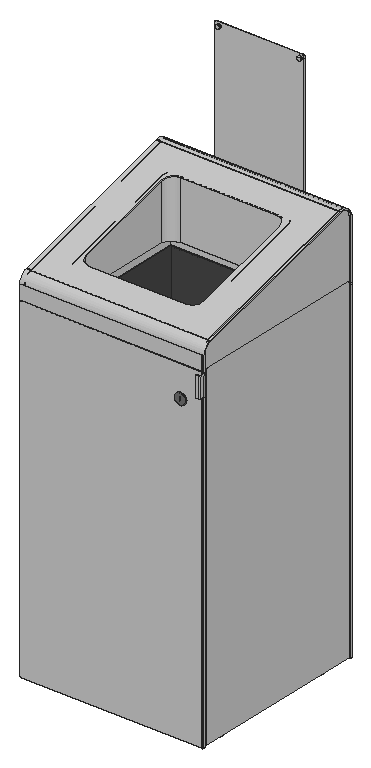
Revit family "Magnuson-Receptacles-Trosa+", category Furniture, Revit 2020
Family settings
  OmniClass Number = 23.40.20.00
  OmniClass Title = General Furniture and Specialties
  Work Plane-Based = No
  Always vertical = Yes
  Cut with Voids When Loaded = No
  Shared = No
  Room Calculation Point = No
Parameters (values of type "TRO-1818L")
  Width = 18"
  Waste Opening [instance] = not(Recycling Opening)  # yes
  URL = "https://magnusongroup.com"
  Type Comments = "Waste Receptacles"  # constant formula
  Top Finish = MAG - Steel Painted
  Signage Finish = MAG - Steel Painted
  Add Signage Metal [instance] = yes
  Salvage or Reuse = yes
  Revit Model Built By = "https://servex-us.com/servex-revit/"
  Recycling Opening [instance] = no
  Product Documentation Link = "https://magnusongroup.com/products/wastereceptacles.html"
  Percentage of Recycled Content = 0
  Model = "TRO-1818L"
  Manufacturer = "Magnuson Group"  # constant formula
  Low Emitting Material = yes
  Low Emitting Finish = yes
  Lock Finish = MAG - Aluminum Black
  Add Lock to Door [instance] = yes
  Liner Finish = MAG - Plastic Black
  Keynote = "12500"
  Height = 40"
  Glides Finish = MAG - Plastic Black
  Door Finish = MAG - Steel Painted
  Description = "Painted steel 42 gallon body waste receptacle with front access door, internal rigid liner and adjustable glides."
  Frame Finish = MAG - Steel Painted
  Depth = 18.00185"
  Default Elevation = 0"
  Assembly Code = "E2020200"
  Acrylic Finish = MAG - Acrylic, Clear
  Add Signage Acrylic [instance] = no
Reference planes (in)
  plane 1 "Center (Front/Back)": y = 0.01377
  plane 2: z = 0
  plane 3 "Center (Left/Right)": x = 0
  plane 4: x = 18
  plane 5: y = -17.98808
  plane 6: z = 33.48799
Forms (in)
  Sweep 1, solid, material "MAG - Plastic Black" <- "Liner Finish"
    path origin (0, 0, 0) x (1, 0, 0) y (0, 1, 0)
      loop
        line (2.65306, -2.6393) -> (2.65306, -15.33317) -> (15.34694, -15.33317) -> (15.34694, -2.6393) -> (2.65306, -2.6393)
    profile origin (9, -2.6393, 0) x (0, 1, 0) y (0, 0, 1)
      loop
        line (0, 1.66099) -> (0, 1.53599) -> (0.12181, 1.53599) -> (0.90306, 31.78599) -> (0.77802, 31.78599) -> (0, 1.66099)
  Extrusion 2, solid, material "MAG - Steel Painted" <- "Frame Finish"
    sketch origin (0, 0, 0) x (1, 0, 0) y (0, 1, 0)
      loop
        line (0.3603, -17.40903) -> (0.875, -17.40903) -> (0.875, -17.34653) -> (0.3603, -17.34653)
        arc (0.3603, -17.34653) -> (0.3265, -17.33253) -> (0.3125, -17.29873) r 0.0478
        line (0.3125, -17.29873) -> (0.3125, -0.03403) -> (0.25, -0.03403) -> (0.25, -17.29873)
        arc (0.25, -17.29873) -> (0.28231, -17.37673) -> (0.3603, -17.40903) r 0.1103
      loop
        arc (17.6397, -17.40903) -> (17.71769, -17.37673) -> (17.75, -17.29873) r 0.1103
        line (17.75, -17.29873) -> (17.75, -0.03403) -> (17.6875, -0.03403) -> (17.6875, -17.29873)
        arc (17.6875, -17.29873) -> (17.6735, -17.33253) -> (17.6397, -17.34653) r 0.0478
        line (17.6397, -17.34653) -> (17.125, -17.34653) -> (17.125, -17.40903) -> (17.6397, -17.40903)
    from 0.48819 to 33.53579
  Extrusion 3, solid, material "MAG - Steel Painted" <- "Frame Finish"
    sketch origin (0, 0, 0) x (0, 1, 0) y (0, 0, 1)
      loop
        line (-1.05058, 1.48819) -> (-4.05058, 1.48819) -> (-4.05058, 0.61319)
        arc (-4.05058, 0.61319) -> (-4.01397, 0.5248) -> (-3.92558, 0.48819) r 0.125
        line (-3.92558, 0.48819) -> (-1.17558, 0.48819)
        arc (-1.17558, 0.48819) -> (-1.08719, 0.5248) -> (-1.05058, 0.61319) r 0.125
        line (-1.05058, 0.61319) -> (-1.05058, 1.48819)
      loop
        line (-16.30023, 1.48819) -> (-16.30023, 0.61319)
        arc (-16.30023, 0.61319) -> (-16.26362, 0.5248) -> (-16.17523, 0.48819) r 0.125
        line (-16.17523, 0.48819) -> (-13.42523, 0.48819)
        arc (-13.42523, 0.48819) -> (-13.33684, 0.5248) -> (-13.30023, 0.61319) r 0.125
        line (-13.30023, 0.61319) -> (-13.30023, 1.48819) -> (-16.30023, 1.48819)
    from 0.3125 to 17.6875
  Extrusion 4, solid, material "MAG - Plastic Black" <- "Glides Finish"
    sketch origin (0, 0, 0) x (1, 0, 0) y (0, 1, 0)
      loop
        circle (1.24954, -2.55316) r 0.5
      loop
        circle (16.75046, -2.55316) r 0.5
      loop
        circle (1.24954, -14.80212) r 0.5
      loop
        circle (16.75046, -14.80212) r 0.5
    from 0 to 0.48819
  Extrusion 5, solid, material "MAG - Steel Painted" <- "Door Finish"
    sketch origin (0, 0.01377, 0) x (1, 0, 0) y (0, 0, 1)
      loop
        arc (0.1875, 33.48799) -> (0.05492, 33.43307) -> (0, 33.30049) r 0.1875
        line (0, 33.30049) -> (0, 0.67549)
        arc (0, 0.67549) -> (0.05492, 0.54291) -> (0.1875, 0.48799) r 0.1875
        line (0.1875, 0.48799) -> (17.8125, 0.48799)
        arc (17.8125, 0.48799) -> (17.94508, 0.54291) -> (18, 0.67549) r 0.1875
        line (18, 0.67549) -> (18, 33.30049)
        arc (18, 33.30049) -> (17.94508, 33.43307) -> (17.8125, 33.48799) r 0.1875
        line (17.8125, 33.48799) -> (0.1875, 33.48799)
    from 17.95405 to 18.00185
  Extrusion 6, void
    sketch origin (0, 0.01377, 0) x (1, 0, 0) y (0, 0, 1)
      loop
        arc (7.14608, 28.06992) -> (9, 27.69413) -> (10.85392, 28.06992) r 4.76099
        arc (10.85392, 28.06992) -> (11.20444, 29.12546) -> (10.3125, 29.78989) r 0.94968
        arc (10.3125, 29.78989) -> (9, 29.53493) -> (7.6875, 29.78989) r 3.50588
        arc (7.6875, 29.78989) -> (6.79556, 29.12546) -> (7.14608, 28.06992) r 0.94968
    from 1.35675 to 16.6628
  Extrusion 7, solid, material "MAG - Steel Painted" <- "Door Finish"
    sketch origin (0, 0, 0) x (1, 0, 0) y (0, 1, 0)
      loop
        line (0.25, -17.94028) -> (17.75, -17.94028) -> (17.75, -17.55058)
        arc (17.75, -17.55058) -> (17.71769, -17.47259) -> (17.6397, -17.44028) r 0.1103
        line (17.6397, -17.44028) -> (0.3603, -17.44028)
        arc (0.3603, -17.44028) -> (0.28231, -17.47259) -> (0.25, -17.55058) r 0.1103
        line (0.25, -17.55058) -> (0.25, -17.94028)
    from 0.48799 to 33.36299
  Extrusion 8, solid, material "MAG - Steel Painted" <- "Frame Finish"
    sketch origin (0, -17.34653, 0) x (1, 0, 0) y (0, 0, -1)
      loop
        line (0.1875, -33.48799) -> (17.8125, -33.48799)
        arc (17.8125, -33.48799) -> (17.94508, -33.43307) -> (18, -33.30049) r 0.1875
        line (18, -33.30049) -> (18, -0.67549)
        arc (18, -0.67549) -> (17.94508, -0.54291) -> (17.8125, -0.48799) r 0.1875
        line (17.8125, -0.48799) -> (0.1875, -0.48799)
        arc (0.1875, -0.48799) -> (0.05492, -0.54291) -> (0, -0.67549) r 0.1875
        line (0, -0.67549) -> (0, -33.30049)
        arc (0, -33.30049) -> (0.05492, -33.43307) -> (0.1875, -33.48799) r 0.1875
    from 17.3125 to 17.3603
  Extrusion 9, solid, material "MAG - Steel Painted" <- "Door Finish"
    sketch origin (0, 0, 0) x (1, 0, 0) y (0, 1, 0)
      loop
        line (18, -18.05058) -> (18, -18.45498)
        arc (18, -18.45498) -> (17.98169, -18.49918) -> (17.9375, -18.51748) r 0.0625
        line (17.9375, -18.51748) -> (17.6103, -18.51748) -> (17.6103, -18.56528) -> (17.9375, -18.56528)
        arc (17.9375, -18.56528) -> (18.01549, -18.53298) -> (18.0478, -18.45498) r 0.1103
        line (18.0478, -18.45498) -> (18.0478, -18.05058)
        arc (18.0478, -18.05058) -> (18.01549, -17.97259) -> (17.9375, -17.94028) r 0.1103
        line (17.9375, -17.94028) -> (17.9375, -17.98808)
        arc (17.9375, -17.98808) -> (17.98169, -18.00639) -> (18, -18.05058) r 0.0625
    from 31.36299 to 33.36299
  Extrusion 10, solid, material "MAG - Plastic Black" <- "Liner Finish"
    sketch origin (0, 0, 0) x (1, 0, 0) y (0, 1, 0)
      loop
        line (2.65306, -2.6393) -> (2.65306, -15.33317) -> (15.34694, -15.33317) -> (15.34694, -2.6393) -> (2.65306, -2.6393)
    from 1.53599 to 1.66099
Cuts and joins
  Extrusion 6 cuts Sweep 1
Lines and regions (in)
  symbolic lines
    curve 1: line (0, 0.01377, 0) -> (18, 0.01377, 0)
    curve 2: line (0, -17.98808, 0) -> (0, 0.01377, 0)
    curve 3: line (18, -17.98808, 0) -> (0, -17.98808, 0)
    curve 4: line (18, 0.01377, 0) -> (18, -17.98808, 0)
Dimensions and locks (in)
  group 1 to group 2 = 11"
  group 1 to group 2 = 0"  (x2)
  plane 6 to plane 2 = 33.48799"
  "Width": plane 3 "Center (Left/Right)" to plane 4
  "Depth": plane 1 "Center (Front/Back)" to plane 5
  aligned and locked: level to plane 2
  aligned and locked: plane 3 "Center (Left/Right)" to nested 1
  aligned and locked: plane 1 "Center (Front/Back)" to nested 1
  aligned and locked: plane 6 to nested 1
  aligned and locked: Extrusion 3 to Extrusion 2  (x2)
  aligned and locked: Extrusion 8 to Extrusion 2
  aligned and locked: Extrusion 8 to plane 1 "Center (Front/Back)"
  aligned and locked: cut or joined group of Sweep 1, Extrusion 6 to Extrusion 10
  aligned and locked: Extrusion 10 to cut or joined group of Sweep 1, Extrusion 6
  aligned and locked: curve 1 to nested 1
  aligned and locked: nested 1 to curve 2
  aligned and locked: curve 3 to Extrusion 5
  aligned and locked: curve 4 to Extrusion 5
Automatic sketch dimensions
  plane 3 "Center (Left/Right)" to Sweep 1 sketch curve = 2.65306"
  Sweep 1 sketch curve to plane 4 = 2.65306"
  plane 5 to Sweep 1 sketch curve = 2.65491"
  plane 1 "Center (Front/Back)" to Sweep 1 sketch curve = 2.65306"
  Sweep 1 sketch curve to profile plane = 0"
  Sweep 1 sketch curve to profile plane = 0.12181"
  Sweep 1 sketch curve to profile plane = 0.77802"
  Sweep 1 sketch curve to Sweep 1 sketch curve = 0.12504"
  level to Sweep 1 sketch curve = 1.53599"
  Sweep 1 sketch curve to Sweep 1 sketch curve = 1/8"
  Sweep 1 sketch curve to Sweep 1 sketch curve = 30 1/8"
  Extrusion 2 sketch curve to Extrusion 2 sketch curve = 0"  (x4)
  plane 1 "Center (Front/Back)" to Extrusion 2 sketch curve = 0.0478"  (x2)
  plane 3 "Center (Left/Right)" to Extrusion 2 sketch curve = 1/4"
  Extrusion 2 sketch curve to Extrusion 2 sketch curve = 1/16"  (x2)
  Extrusion 2 sketch curve to Extrusion 2 sketch curve = 0.0478"
  Extrusion 2 sketch curve to Extrusion 2 sketch curve = 0.5147"
  Extrusion 2 sketch curve to plane 4 = 7/8"
  Extrusion 2 sketch curve to plane 4 = 0.3603"
  Extrusion 2 sketch curve to plane 4 = 5/16"
  plane 5 to Extrusion 2 sketch curve = 0.68935"  (x2)
  plane 5 to Extrusion 3 sketch curve = 1.68785"
  Extrusion 3 sketch curve to Extrusion 3 sketch curve = 1/8"  (x4)
  level to Extrusion 3 sketch curve = 0.48819"
  Extrusion 3 sketch curve to Extrusion 3 sketch curve = 2 3/4"
  plane 1 "Center (Front/Back)" to Extrusion 3 sketch curve = 4.06435"
  level to Extrusion 3 sketch curve = 0.61319"
  plane 1 "Center (Front/Back)" to Extrusion 3 sketch curve = 1.18935"
  Extrusion 3 sketch curve to Extrusion 3 sketch curve = 7/8"  (x2)
  plane 3 "Center (Left/Right)" to Extrusion 4 sketch curve = 1.24954"  (x2)
  Extrusion 4 sketch curve to plane 4 = 1.24954"  (x2)
  plane 5 to Extrusion 4 sketch curve = 3.18596"  (x2)
  plane 1 "Center (Front/Back)" to Extrusion 4 sketch curve = 2.56693"  (x2)
  Extrusion 5 sketch curve to plane 3 "Center (Left/Right)" = 0"
  Extrusion 5 sketch curve to plane 6 = 0"
  Extrusion 5 sketch curve to plane 4 = 0"
  plane 3 "Center (Left/Right)" to Extrusion 5 sketch curve = 3/16"  (x2)
  Extrusion 5 sketch curve to plane 4 = 3/16"
  Extrusion 5 sketch curve to Extrusion 5 sketch curve = 3/16"
  level to Extrusion 5 sketch curve = 0.67549"
  plane 3 "Center (Left/Right)" to Extrusion 6 sketch curve = 7.70142"
  Extrusion 6 sketch curve to plane 6 = 0.44718"
  Extrusion 6 sketch curve to Extrusion 6 sketch curve = 1.29858"
  Extrusion 6 sketch curve to Extrusion 6 sketch curve = 0"  (x2)
  Extrusion 6 sketch curve to Extrusion 6 sketch curve = 2.59717"
  Extrusion 6 sketch curve to Extrusion 6 sketch curve = 0.58569"
  Extrusion 6 sketch curve to Extrusion 6 sketch curve = 3.61482"
  Extrusion 6 sketch curve to Extrusion 6 sketch curve = 0.01392"  (x2)
  Extrusion 6 sketch curve to Extrusion 6 sketch curve = 0.55534"
  Extrusion 6 sketch curve to Extrusion 6 sketch curve = 0.94958"
  plane 5 to Extrusion 7 sketch curve = 0.0478"
  plane 3 "Center (Left/Right)" to Extrusion 7 sketch curve = 1/4"
  Extrusion 7 sketch curve to Extrusion 7 sketch curve = 0.1103"
  Extrusion 7 sketch curve to plane 4 = 0.3603"
  Extrusion 7 sketch curve to plane 4 = 1/4"
  Extrusion 7 sketch curve to Extrusion 7 sketch curve = 0.3897"
  Extrusion 8 sketch curve to plane 3 "Center (Left/Right)" = 0"
  Extrusion 8 sketch curve to plane 6 = 0"
  Extrusion 8 sketch curve to plane 4 = 0"
  plane 3 "Center (Left/Right)" to Extrusion 8 sketch curve = 3/16"  (x2)
  Extrusion 8 sketch curve to plane 4 = 3/16"
  Extrusion 8 sketch curve to Extrusion 8 sketch curve = 3/16"
  level to Extrusion 8 sketch curve = 0.67549"
  Extrusion 9 sketch curve to Extrusion 9 sketch curve = 0"  (x4)
  Extrusion 9 sketch curve to plane 5 = 0"
  Extrusion 9 sketch curve to plane 4 = 0"
  Extrusion 9 sketch curve to plane 4 = 1/16"
  Extrusion 9 sketch curve to Extrusion 9 sketch curve = 1/16"
  Extrusion 9 sketch curve to Extrusion 9 sketch curve = 0.3272"
  plane 4 to Extrusion 9 sketch curve = 0.0478"
  Extrusion 9 sketch curve to Extrusion 9 sketch curve = 0.4044"
  plane 3 "Center (Left/Right)" to Extrusion 10 sketch curve = 2.65306"
  Extrusion 10 sketch curve to plane 4 = 2.65306"
  plane 5 to Extrusion 10 sketch curve = 2.65491"
  plane 1 "Center (Front/Back)" to Extrusion 10 sketch curve = 2.65306"
  radius of Extrusion 4 sketch curve = 1/2"  (x4)
Nested families (in)
  nested 1: "T-Top" at (0, 0.01377, 33.48799), type "T-Top"
Definition of nested family "T-Top"
  Parameters (values of type "T-Top")
    Waste = yes
    Top Finish = none
    Signage Finish = none
    Signage = yes
    Revit Model Built By = "https://servex-us.com/servex-revit/"
    Recycle = no
    Lock Finish = none
    Lock = yes
    Default Elevation = 0"
    Acrylic Finish = none
    Acrylic = yes
  Reference planes (in)
    plane 1 "Center (Front/Back)": y = 0
    plane 2: z = 0
    plane 3 "Center (Left/Right)": x = 0
    plane 4: x = 18
    plane 5: y = -18
  Forms (in)
    Extrusion 1, solid, material <- "Top Finish"
      sketch origin (0, 0, 0) x (0, 1, 0) y (0, 0, 1)
        loop
          arc (0, 5.7022) -> (-0.41064, 6.53401) -> (-1.3207, 6.71384) r 1.0478
          line (-1.3207, 6.71384) -> (-1.30442, 6.65349)
          arc (-1.30442, 6.65349) -> (-0.44865, 6.4844) -> (-0.0625, 5.7022) r 0.9853
          line (-0.0625, 5.7022) -> (-0.0625, 0) -> (0, 0) -> (0, 5.7022)
        loop
          line (-18, 0) -> (-17.9375, 0) -> (-17.9375, 1.41181)
          arc (-17.9375, 1.41181) -> (-17.7344, 2.01096) -> (-17.20882, 2.3631) r 0.9853
          line (-17.20882, 2.3631) -> (-17.2251, 2.42344)
          arc (-17.2251, 2.42344) -> (-17.78401, 2.04896) -> (-18, 1.41181) r 1.0478
          line (-18, 1.41181) -> (-18, 0)
      from 0 to 18
    Extrusion 2, solid, material <- "Top Finish"
      sketch origin (0, 0, 0) x (0, 1, 0) y (0, 0, 1)
        loop
          arc (-0.0625, 5.7022) -> (-0.44865, 6.4844) -> (-1.30442, 6.65349) r 0.9853
          line (-1.30442, 6.65349) -> (-17.20882, 2.3631)
          arc (-17.20882, 2.3631) -> (-17.7344, 2.01096) -> (-17.9375, 1.41181) r 0.9853
          line (-17.9375, 1.41181) -> (-17.9375, 0) -> (-0.0625, 0) -> (-0.0625, 5.7022)
      from 0.25 to 0.4085
    Extrusion 3, solid, material <- "Top Finish"
      sketch origin (18.0004, 0, 0) x (0, 1, 0) y (0, 0, -1)
        loop
          line (-0.0625, -5.7022) -> (-0.0625, 0) -> (-17.9375, 0) -> (-17.9375, -1.41181)
          arc (-17.9375, -1.41181) -> (-17.7344, -2.01096) -> (-17.20882, -2.3631) r 0.9853
          line (-17.20882, -2.3631) -> (-1.30442, -6.65349)
          arc (-1.30442, -6.65349) -> (-0.44865, -6.4844) -> (-0.0625, -5.7022) r 0.9853
      from 0.25 to 0.4085
    Extrusion 4, solid, material <- "Top Finish"
      sketch origin (0, 0, 0) x (1, 0, 0) y (0, 1, 0)
        loop
          arc (3.875, -3.38086) -> (3.16789, -3.67375) -> (2.875, -4.38086) r 1
          line (2.875, -4.38086) -> (2.875, -15.23396) -> (15.1254, -15.23396) -> (15.1254, -4.38086)
          arc (15.1254, -4.38086) -> (14.83251, -3.67375) -> (14.1254, -3.38086) r 1
          line (14.1254, -3.38086) -> (3.875, -3.38086)
        loop
          arc (3.875, -3.31836) -> (3.1237, -3.62956) -> (2.8125, -4.38086) r 1.0625
          line (2.8125, -4.38086) -> (2.8125, -15.29646) -> (15.1879, -15.29646) -> (15.1879, -4.38086)
          arc (15.1879, -4.38086) -> (14.8767, -3.62956) -> (14.1254, -3.31836) r 1.0625
          line (14.1254, -3.31836) -> (3.875, -3.31836)
      from 0 to 6.625
    Extrusion 5, void
      sketch origin (0, 0, 0) x (0, 1, 0) y (0, 0, 1)
        loop
          line (-1.41005, 6.625) -> (-15.73396, 6.625) -> (-15.73396, 2.76096) -> (-1.41005, 6.625)
      from 0 to 18
    Extrusion 6, solid, material <- "Top Finish", visible <- "Recycle"
      sketch origin (0, -17.20882, 2.3631) x (0, 0.965487, 0.260451) y (-1, 0, 0)
        loop
          line (16.47293, 0) -> (0, 0) -> (0, -18) -> (16.47293, -18) -> (16.47293, 0)
        loop
          line (11.43783, -6.5) -> (4.93783, -6.5)
          arc (4.93783, -6.5) -> (2.43783, -9) -> (4.93783, -11.5) r 2.5
          line (4.93783, -11.5) -> (11.43783, -11.5)
          arc (11.43783, -11.5) -> (13.93783, -9) -> (11.43783, -6.5) r 2.5
      from 0 to 0.0625
    Extrusion 7, solid, material <- "Top Finish", visible <- "Waste"
      sketch origin (0, -17.20882, 2.3631) x (0, 0.965487, 0.260451) y (-1, 0, 0)
        loop
          line (16.47293, 0) -> (0, 0) -> (0, -18) -> (16.47293, -18) -> (16.47293, 0)
        loop
          arc (13.93783, -4.25) -> (13.64494, -3.54289) -> (12.93783, -3.25) r 1
          line (12.93783, -3.25) -> (3.43783, -3.25)
          arc (3.43783, -3.25) -> (2.73072, -3.54289) -> (2.43783, -4.25) r 1
          line (2.43783, -4.25) -> (2.43783, -13.75)
          arc (2.43783, -13.75) -> (2.73072, -14.45711) -> (3.43783, -14.75) r 1
          line (3.43783, -14.75) -> (12.93783, -14.75)
          arc (12.93783, -14.75) -> (13.64494, -14.45711) -> (13.93783, -13.75) r 1
          line (13.93783, -13.75) -> (13.93783, -4.25)
      from 0 to 0.0625
    Extrusion 8, solid, material <- "Lock Finish", visible <- "Lock"
      sketch origin (0, 0, 0) x (1, 0, 0) y (0, 0, 1)
        loop
          circle (15.71368, -3.114) r 0.5429
        loop
          line (15.70385, -2.98122) -> (15.70385, -3.30581) -> (15.77762, -3.30581) -> (15.77762, -2.98122) -> (15.70385, -2.98122)
      from 18 to 18.06482
    Extrusion 9, solid, material <- "Signage Finish", visible <- "Signage"
      sketch origin (0, 0, 0) x (1, 0, 0) y (0, 0, 1)
        loop
          arc (4.6252, 0.25) -> (4.69842, 0.07322) -> (4.8752, 0) r 0.25
          line (4.8752, 0) -> (13.1252, 0)
          arc (13.1252, 0) -> (13.30198, 0.07322) -> (13.3752, 0.25) r 0.25
          line (13.3752, 0.25) -> (13.3752, 18)
          arc (13.3752, 18) -> (13.30198, 18.17678) -> (13.1252, 18.25) r 0.25
          line (13.1252, 18.25) -> (4.8752, 18.25)
          arc (4.8752, 18.25) -> (4.69842, 18.17678) -> (4.6252, 18) r 0.25
          line (4.6252, 18) -> (4.6252, 0.25)
      from -0.0747 to 0
    Extrusion 10, solid, material <- "Signage Finish", visible <- "Signage"
      sketch origin (0, 0, 0) x (1, 0, 0) y (0, 0, 1)
        loop
          circle (5.03018, 17.84688) r 0.18507
        loop
          circle (12.97022, 17.84688) r 0.18507
      from 0 to 0.13
    Extrusion 11, solid, material <- "Signage Finish", visible <- "Signage"
      sketch origin (0, 0, -17.24578) x (1, 0, 0) y (0, 0, 1)
        loop
          circle (5.28018, 17.84688) r 0.25
        loop
          circle (12.72022, 17.84688) r 0.25
      from -0.32814 to -0.0747
    Extrusion 12, solid, material <- "Signage Finish", visible <- "Acrylic"
      sketch origin (0, 0, 0) x (1, 0, 0) y (0, 0, 1)
        loop
          arc (4.6252, 0.25) -> (4.69842, 0.07322) -> (4.8752, 0) r 0.25
          line (4.8752, 0) -> (13.1252, 0)
          arc (13.1252, 0) -> (13.30198, 0.07322) -> (13.3752, 0.25) r 0.25
          line (13.3752, 0.25) -> (13.3752, 18)
          arc (13.3752, 18) -> (13.30198, 18.17678) -> (13.1252, 18.25) r 0.25
          line (13.1252, 18.25) -> (4.8752, 18.25)
          arc (4.8752, 18.25) -> (4.69842, 18.17678) -> (4.6252, 18) r 0.25
          line (4.6252, 18) -> (4.6252, 0.25)
      from -0.0747 to 0
    Extrusion 13, solid, material <- "Signage Finish", visible <- "Acrylic"
      sketch origin (0, 0, 0) x (1, 0, 0) y (0, 0, 1)
        loop
          circle (5.03018, 17.84688) r 0.18507
        loop
          circle (12.97022, 17.84688) r 0.18507
      from 0 to 0.13
    Extrusion 14, solid, material <- "Acrylic Finish", visible <- "Acrylic"
      sketch origin (0, 0, 0) x (1, 0, 0) y (0, 0, 1)
        loop
          line (13.1252, 18.25) -> (4.8752, 18.25)
          arc (4.8752, 18.25) -> (4.69842, 18.17678) -> (4.6252, 18) r 0.25
          line (4.6252, 18) -> (4.6252, 6.42819)
          arc (4.6252, 6.42819) -> (4.69842, 6.25141) -> (4.8752, 6.17819) r 0.25
          line (4.8752, 6.17819) -> (13.1252, 6.17819)
          arc (13.1252, 6.17819) -> (13.30198, 6.25141) -> (13.3752, 6.42819) r 0.25
          line (13.3752, 6.42819) -> (13.3752, 18)
          arc (13.3752, 18) -> (13.30198, 18.17678) -> (13.1252, 18.25) r 0.25
      from 0 to 0.10984
    Extrusion 15, solid, material <- "Signage Finish", visible <- "Acrylic"
      sketch origin (0, 0, -17.24578) x (1, 0, 0) y (0, 0, 1)
        loop
          circle (5.28018, 17.84688) r 0.25
        loop
          circle (12.72022, 17.84688) r 0.25
      from -0.32814 to -0.0747
  Cuts and joins
    Extrusion 5 cuts Extrusion 4
  Lines and regions (in)
    symbolic lines, visible <- "Recycle"
      curve 1: spline (6.5, -6.18202, 0) -> (6.58519, -5.55731, 0) -> (6.83494, -4.97516, 0) -> (7.23223, -4.47527, 0) -> (7.75, -4.09168, 0) -> (8.35295, -3.85055, 0) -> (9, -3.76831, 0) -> (9.64705, -3.85055, 0) -> (10.25, -4.09168, 0) -> (10.76777, -4.47527, 0) -> (11.16506, -4.97516, 0) -> (11.41481, -5.55731, 0) -> (11.5, -6.18202, 0)
      curve 2: line (6.5, -12.45769, 0) -> (6.5, -6.18202, 0)
      curve 3: line (11.5, -6.18202, 0) -> (11.5, -12.45769, 0)
      curve 4: spline (11.5, -12.45769, 0) -> (11.41481, -13.08241, 0) -> (11.16506, -13.66455, 0) -> (10.76777, -14.16445, 0) -> (10.25, -14.54803, 0) -> (9.64705, -14.78916, 0) -> (9, -14.87141, 0) -> (8.35295, -14.78916, 0) -> (7.75, -14.54803, 0) -> (7.23223, -14.16445, 0) -> (6.83494, -13.66455, 0) -> (6.58519, -13.08241, 0) -> (6.5, -12.45769, 0)
    symbolic lines, visible <- "Waste"
      curve 5: line (3.25, -13.90592, 0) -> (3.25, -4.73379, 0)
      curve 6: spline (3.25, -4.73379, 0) -> (3.25856, -4.60777, 0) -> (3.28407, -4.48391, 0) -> (3.32612, -4.36432, 0) -> (3.38397, -4.25105, 0) -> (3.45665, -4.14604, 0) -> (3.54289, -4.05109, 0) -> (3.64124, -3.96782, 0) -> (3.75, -3.89766, 0) -> (3.86732, -3.8418, 0) -> (3.99118, -3.8012, 0) -> (4.11947, -3.77657, 0) -> (4.25, -3.76831, 0)
      curve 7: line (4.25, -3.76831, 0) -> (13.75, -3.76831, 0)
      curve 8: spline (13.75, -3.76831, 0) -> (13.88053, -3.77657, 0) -> (14.00882, -3.8012, 0) -> (14.13268, -3.8418, 0) -> (14.25, -3.89766, 0) -> (14.35876, -3.96782, 0) -> (14.45711, -4.05109, 0) -> (14.54335, -4.14604, 0) -> (14.61603, -4.25105, 0) -> (14.67388, -4.36432, 0) -> (14.71593, -4.48391, 0) -> (14.74144, -4.60777, 0) -> (14.75, -4.73379, 0)
      curve 9: line (14.75, -4.73379, 0) -> (14.75, -13.90592, 0)
      curve 10: spline (14.75, -13.90592, 0) -> (14.74144, -14.03194, 0) -> (14.71593, -14.15581, 0) -> (14.67388, -14.2754, 0) -> (14.61603, -14.38866, 0) -> (14.54335, -14.49367, 0) -> (14.45711, -14.58862, 0) -> (14.35876, -14.67189, 0) -> (14.25, -14.74206, 0) -> (14.13268, -14.79791, 0) -> (14.00882, -14.83851, 0) -> (13.88053, -14.86315, 0) -> (13.75, -14.87141, 0)
      curve 11: line (13.75, -14.87141, 0) -> (4.25, -14.87141, 0)
      curve 12: spline (4.25, -14.87141, 0) -> (4.11947, -14.86315, 0) -> (3.99118, -14.83851, 0) -> (3.86732, -14.79791, 0) -> (3.75, -14.74206, 0) -> (3.64124, -14.67189, 0) -> (3.54289, -14.58862, 0) -> (3.45665, -14.49367, 0) -> (3.38397, -14.38866, 0) -> (3.32612, -14.2754, 0) -> (3.28407, -14.15581, 0) -> (3.25856, -14.03194, 0) -> (3.25, -13.90592, 0)
    symbolic lines, visible <- "Signage"
      curve 13: line (4.6252, 0, 0) -> (4.6252, 0.0747, 0)
      curve 14: line (4.6252, 0.0747, 0) -> (13.3752, 0.0747, 0)
      curve 15: line (13.3752, 0.0747, 0) -> (13.3752, 0, 0)
      curve 16: line (15.17079, -18, 0) -> (15.17079, -18.06482, 0)
      curve 17: line (15.17079, -18.06482, 0) -> (16.25658, -18.06482, 0)
      curve 18: line (16.25658, -18.06482, 0) -> (16.25658, -18, 0)
  Dimensions and locks (in)
    aligned and locked: plane 2 to level
    aligned and locked: Extrusion 6 to Extrusion 1  (x2)
    aligned and locked: Extrusion 11 to Extrusion 9
    aligned and locked: Extrusion 15 to Extrusion 12
